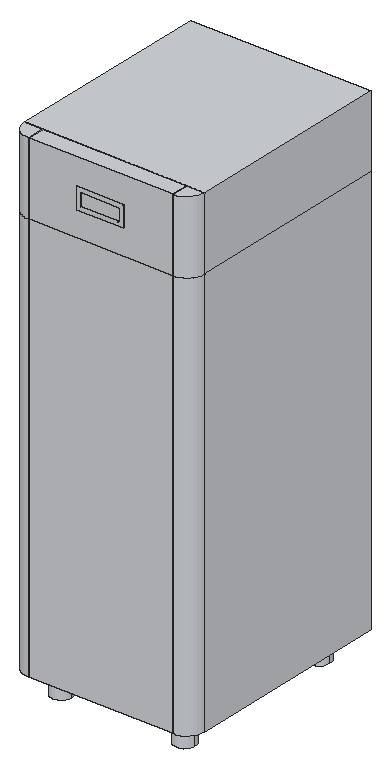
Revit family "Холодильные шкафы специализированные", category Оборудование, Revit 2020
Family settings
  Размер круглого соединителя = Использовать диаметр
  Классификация = Нет
  Тип детали = Нормальный
  На основе рабочей плоскости = Нет
  Всегда вертикально = Да
  При загрузке вырезать с полостями = Нет
  Общий = Нет
  Точка расчета площади = Нет
Parameters (values of type "CS107-Meat Тип 2")
  Ширина = 697 mm
  Цена, руб. = "206 600"
  Холодильный шкаф = none
  Хладагент = "R134a"
  Тип охлаждения = "динамический с мягким обудвом без заветривания"
  Тип оттайки = "автомат. с системой исп. конденсата"
  Темп. окр. среды = "до +40"
  Система электропитания, В/Гц = "230/50"
  Регул. уровня влажности, % = "от 60 до 95"
  Расход электроэнергии за сутки, кВт/ч = "8"
  Расположение агрегата = "верхнее"
  Размеры в упаковке, мм = "790x1080x2125"
  Потребляемая мощность, Вт = "550/900"
  Педаль = "+"
  Отметка по умолчанию = 0 mm
  Объем, л = "700"
  Тип 1 комплектация = "4 перфорированные полки из нержавеющей стали"
  Мат. обшивок корпуса снаружи = "нерж. сталь (кроме задней стенки)"
  Мат. обшивок корпуса изнутри = "нерж. сталь"
  Клапан Шредера = "+"
  Диап. рабочих темп. = "-2....+30"
  Глубина = 1005 mm
  Габаритные размеры, мм = "697*1005*1960"
  Высота = 1960 mm
  Вес нетто/брутто, кг = "130/155"
  UV-лампа = "+"
Types (6, lengths in mm): name | Цена, руб. | Тип охлаждения | Тип оттайки | Тип 1 комплектация | Клапан Шредера | Вес нетто/брутто, кг
  (no name) | "206 600" | "динамический с мягким обудвом без заветривания" | "автомат. с системой исп. конденсата" | "4 перфорированные полки из нержавеющей стали" | "+" | "130/155"
  CS107-Salami | "205 300" | "" | "" | "3 пары направляющих с тремя перекладинами и подвесами" | "" | "130/155"
  CS107-Cheese Тип 1 | "202 700" | "динамический с мягким обудвом без заветривания" | "автомат. с системой исп. конденсата" | "4 сетчатый полки из стали с п/покрытием" | "+" | "125/150"
  CS107-Cheese Тип 2 | "205 700" | "динамический с мягким обудвом без заветривания" | "автомат. с системой исп. конденсата" | "4 перфорированные полки из нерж. стали" | "+" | "125/150"
  CS107-Meat Тип 1 | "205 380" | "динамический с мягким обудвом без заветривания" | "автомат. с системой исп. конденсата" | "Штанга + 2 сетчатые полки из стали с п/покрытием" | "+" | "130/155"
  CS107-Meat Тип 2 | "206 600" | "динамический с мягким обудвом без заветривания" | "автомат. с системой исп. конденсата" | "4 перфорированные полки из нержавеющей стали" | "+" | "130/155"
Reference planes
  plane 1 "По центру (Вперед/Назад)": y = 0
  plane 2: z = 0
  plane 3 "По центру (Влево/Вправо)": x = 0
  plane 4: x = -348.5
  plane 5: x = 348.5
  plane 6: y = -1005
  plane 7: y = -935
  plane 8: x = -278.5
  plane 9: x = 278.5
  plane 10: z = 1960
  plane 11: x = -348.5
  plane 12: z = 92
  plane 13: z = 1678
  plane 14: y = -133
  plane 15: x = -278.5
  plane 16: x = -238.5
  plane 17: x = 238.5
  plane 18: y = -895
  plane 19: y = -243
  plane 20: x = -90
  plane 21: x = 90
  plane 22: z = 1859
  plane 23: z = 1779
  plane 24: x = -135
  plane 25: x = 135
  plane 26: z = 1759
  plane 27: z = 1879
  plane 28: z = 1819
  plane 29: x = -98.5
Forms (mm)
  Extrusion 1, solid, material <- "Холодильный шкаф"
    sketch origin (0, 0, 0) x (1, 0, 0) y (0, 1, 0)
      loop
        line (-278.5, -935) -> (-278.5, -1005) -> (278.5, -1005) -> (278.5, -935) -> (-278.5, -935)
    from 92 to 1678
  Extrusion 2, solid, material <- "Холодильный шкаф"
    sketch origin (0, 0, 0) x (1, 0, 0) y (0, 1, 0)
      loop
        line (-348.5, -133) -> (-348.5, -935) -> (348.5, -935) -> (348.5, -133) -> (-348.5, -133)
    from 92 to 1678
  Extrusion 3, solid, material <- "Холодильный шкаф"
    sketch origin (0, 0, 0) x (1, 0, 0) y (0, 1, 0)
      loop
        line (-278.5, -935) -> (-278.5, -1005) -> (278.5, -1005) -> (278.5, -935) -> (-278.5, -935)
    from 1678 to 1960
  Extrusion 4, solid, material <- "Холодильный шкаф"
    sketch origin (0, 0, 0) x (1, 0, 0) y (0, 1, 0)
      loop
        arc (-348.5, -935) -> (-327.997, -984.497) -> (-278.5, -1005) r 70
        line (-278.5, -1005) -> (-278.5, -935) -> (-348.5, -935)
    from 1678 to 1960
  Extrusion 5, solid, material <- "Холодильный шкаф"
    sketch origin (0, 0, 0) x (1, 0, 0) y (0, 1, 0)
      loop
        line (278.5, -935) -> (278.5, -1005)
        arc (278.5, -1005) -> (327.997, -984.497) -> (348.5, -935) r 70
        line (348.5, -935) -> (278.5, -935)
    from 1678 to 1960
  Extrusion 6, solid, material <- "Холодильный шкаф"
    sketch origin (0, 0, 0) x (1, 0, 0) y (0, 1, 0)
      loop
        line (278.5, -935) -> (278.5, -1005)
        arc (278.5, -1005) -> (327.997, -984.497) -> (348.5, -935) r 70
        line (348.5, -935) -> (278.5, -935)
    from 92 to 1678
  Extrusion 7, solid, material <- "Холодильный шкаф"
    sketch origin (0, 0, 0) x (1, 0, 0) y (0, 1, 0)
      loop
        arc (-348.5, -935) -> (-327.997, -984.497) -> (-278.5, -1005) r 70
        line (-278.5, -1005) -> (-278.5, -935) -> (-348.5, -935)
    from 92 to 1678
  Extrusion 8, solid, material <- "Холодильный шкаф"
    sketch origin (0, 0, 0) x (1, 0, 0) y (0, 1, 0)
      loop
        circle (-238.5, -243) r 40
    from 0 to 92
  Extrusion 9, solid, material <- "Холодильный шкаф"
    sketch origin (0, 0, 0) x (1, 0, 0) y (0, 1, 0)
      loop
        circle (-238.5, -895) r 40
    from 0 to 92
  Extrusion 10, solid, material <- "Холодильный шкаф"
    sketch origin (0, 0, 0) x (1, 0, 0) y (0, 1, 0)
      loop
        circle (238.5, -243) r 40
    from 0 to 92
  Extrusion 11, solid, material <- "Холодильный шкаф"
    sketch origin (0, 0, 0) x (1, 0, 0) y (0, 1, 0)
      loop
        circle (238.5, -895) r 40
    from 0 to 92
  Extrusion 12, solid, detail levels fine
    sketch origin (0, 0, 0) x (1, 0, 0) y (0, 0, 1)
      loop
        line (-90, 1859) -> (-90, 1779) -> (90, 1779) -> (90, 1859) -> (-90, 1859)
    from 1005 to 1006.447
  Extrusion 13, solid, material <- "Холодильный шкаф"
    sketch origin (0, 0, 0) x (1, 0, 0) y (0, 1, 0)
      loop
        line (-323.5, 0) -> (-323.5, -133) -> (-98.5, -133) -> (-98.5, 0) -> (-323.5, 0)
    from 1178.132 to 1678
  Extrusion 14, solid, material <- "Холодильный шкаф"
    sketch origin (0, 0, 0) x (1, 0, 0) y (0, 1, 0)
      loop
        line (-348.5, -133) -> (-348.5, -935) -> (348.5, -935) -> (348.5, -133) -> (-348.5, -133)
    from 1678 to 1960
  Extrusion 15, void
    sketch origin (0, 0, 5.622) x (1, 0, 0) y (0, 0, 1)
      loop
        line (-75, 1838.378) -> (-75, 1788.378) -> (75, 1788.378) -> (75, 1838.378) -> (-75, 1838.378)
    from 1005 to 1006.447
Cuts and joins
  Extrusion 15 cuts Extrusion 14
  Extrusion 15 cuts Extrusion 12
Dimensions and locks
  "Глубина": plane 6 to plane 1 "По центру (Вперед/Назад)"
  "Ширина": plane 4 to plane 5
  equal spacing: plane 4, plane 3 "По центру (Влево/Вправо)", plane 5
  locked: plane 7 to plane 6 at 70
  "Высота": plane 10 to plane 2
  plane 9 to plane 5 = 70 mm  (x2)
  locked: plane 11 to plane 8 at 70
  locked: plane 8 to plane 9 at 557
  plane 14 to plane 6 = 872 mm
  locked: plane 1 "По центру (Вперед/Назад)" to plane 14 at 133
  locked: plane 4 to plane 15 at 70
  locked: plane 16 to plane 4 at 110
  locked: plane 5 to plane 17 at 110
  locked: plane 14 to plane 19 at 110
  locked: plane 18 to plane 7 at 40
  locked: plane 12 to plane 2 at 92
  plane 13 to plane 12 = 1586 mm
  locked: plane 10 to plane 13 at 282
  equal spacing: plane 21, plane 3 "По центру (Влево/Вправо)", plane 20
  locked: plane 22 to plane 23 at 80
  locked: plane 23 to plane 13 at 101
  locked: Extrusion 12 to Extrusion 12 at 1.447
  equal spacing: plane 25, plane 3 "По центру (Влево/Вправо)", plane 24
  equal spacing: plane 10, plane 28, plane 13
  locked: plane 27 to plane 28 at 60
  locked: plane 28 to plane 26 at 60
  locked: plane 4 to plane 29 at 250
  locked: plane 13 to Extrusion 13 at 499.868
  locked: Extrusion 13 to plane 29 at 225
  locked: Extrusion 12 to Extrusion 15 at 15  (x3)
  locked: Extrusion 15 to Extrusion 12 at 15
  radius of Extrusion 11 sketch curve = 40 mm
  aligned and locked: level to plane 2
  aligned and locked: plane 6 to Extrusion 1 sketch curve
  aligned and locked: Extrusion 1 sketch curve to plane 9
  aligned and locked: Extrusion 1 to plane 8
  aligned and locked: Extrusion 2 sketch curve to plane 14
  aligned and locked: plane 4 to Extrusion 2 sketch curve
  aligned and locked: plane 7 to Extrusion 2 sketch curve
  aligned and locked: Extrusion 2 sketch curve to plane 5
  aligned and locked: Extrusion 2 to plane 12
  aligned and locked: plane 13 to Extrusion 1
  aligned and locked: Extrusion 3 sketch curve to plane 7
  aligned and locked: plane 15 to Extrusion 3 sketch curve
  aligned and locked: Extrusion 3 sketch curve to Extrusion 1  (x2)
  aligned and locked: plane 10 to Extrusion 3
  aligned and locked: Extrusion 3 to plane 13
  aligned and locked: plane 10 to Extrusion 4
  aligned and locked: Extrusion 4 to plane 13
  aligned and locked: plane 9 to Extrusion 5 sketch curve
  aligned and locked: Extrusion 5 sketch curve to plane 7
  aligned and locked: plane 10 to Extrusion 5
  aligned and locked: plane 9 to Extrusion 6 sketch curve
  aligned and locked: Extrusion 6 sketch curve to plane 7
  aligned and locked: plane 13 to Extrusion 6
  aligned and locked: Extrusion 6 to plane 12
  aligned and locked: Extrusion 4 sketch curve to plane 7
  aligned and locked: Extrusion 4 sketch curve to plane 15
  aligned and locked: Extrusion 7 sketch curve to plane 7
  aligned and locked: Extrusion 7 sketch curve to plane 8
  aligned and locked: Extrusion 7 to plane 12
  aligned and locked: plane 13 to Extrusion 7
  aligned and locked: plane 12 to Extrusion 9
  aligned and locked: Extrusion 9 to plane 2
  aligned and locked: plane 12 to Extrusion 8
  aligned and locked: plane 12 to Extrusion 11
  aligned and locked: plane 12 to Extrusion 10
  aligned and locked: Extrusion 11 to plane 2
  aligned and locked: Extrusion 10 to plane 2
  aligned and locked: Extrusion 5 to plane 10
  aligned and locked: Extrusion 5 to plane 13
  aligned and locked: Extrusion 12 sketch curve to plane 22
  aligned and locked: plane 20 to Extrusion 12 sketch curve
  aligned and locked: plane 23 to Extrusion 12 sketch curve
  aligned and locked: Extrusion 12 sketch curve to plane 21
  aligned and locked: plane 6 to Extrusion 12
  aligned and locked: plane 1 "По центру (Вперед/Назад)" to Extrusion 13 sketch curve
  aligned and locked: plane 14 to Extrusion 13 sketch curve
  aligned and locked: Extrusion 13 sketch curve to plane 29
  aligned and locked: Extrusion 1 to Extrusion 13
  aligned and locked: Extrusion 1 to Extrusion 2
  aligned and locked: Extrusion 14 sketch curve to Extrusion 2
  aligned and locked: Extrusion 14 sketch curve to plane 14
  aligned and locked: plane 11 to Extrusion 14 sketch curve
  aligned and locked: plane 7 to Extrusion 14 sketch curve
  aligned and locked: Extrusion 14 to Extrusion 1
  aligned and locked: plane 10 to Extrusion 14
  aligned and locked: Extrusion 12 to Extrusion 15
Automatic sketch dimensions
  Extrusion 1 sketch curve to plane 8 = 0 mm
  Extrusion 1 sketch curve to plane 7 = 0 mm
  Extrusion 5 sketch curve to plane 6 = 0 mm
  Extrusion 6 sketch curve to plane 6 = 0 mm
  Extrusion 4 sketch curve to plane 4 = 0 mm
  Extrusion 7 sketch curve to plane 11 = 0 mm
  Extrusion 8 sketch curve to plane 16 = 0 mm
  Extrusion 8 sketch curve to plane 19 = 0 mm
  Extrusion 9 sketch curve to plane 16 = 0 mm
  Extrusion 9 sketch curve to plane 18 = 0 mm
  Extrusion 10 sketch curve to plane 17 = 0 mm
  Extrusion 10 sketch curve to plane 19 = 0 mm
  Extrusion 11 sketch curve to plane 17 = 0 mm
  Extrusion 11 sketch curve to plane 18 = 0 mm
  plane 4 to Extrusion 13 sketch curve = 25 mm
  plane 20 to Extrusion 15 sketch curve = 15 mm
  Extrusion 15 sketch curve to plane 21 = 15 mm
  plane 23 to Extrusion 15 sketch curve = 15 mm
  Extrusion 15 sketch curve to plane 22 = 15 mm
  radius of Extrusion 8 sketch curve = 40 mm
  radius of Extrusion 9 sketch curve = 40 mm
  radius of Extrusion 10 sketch curve = 40 mm
Connectors
  electrical at (0, -133, 885)
    settings: on Extrusion 2, index 1, voltage 230 V, apparent load 0 VA, apparent load phase1 0 VA, apparent load phase2 0 VA, apparent load phase3 0 VA, power factor 1, load classification "Прочее", number of poles 1, system type 31, power factor state 1, is connector primary yes, connector utility no, sub classification motor no, connector description ""
